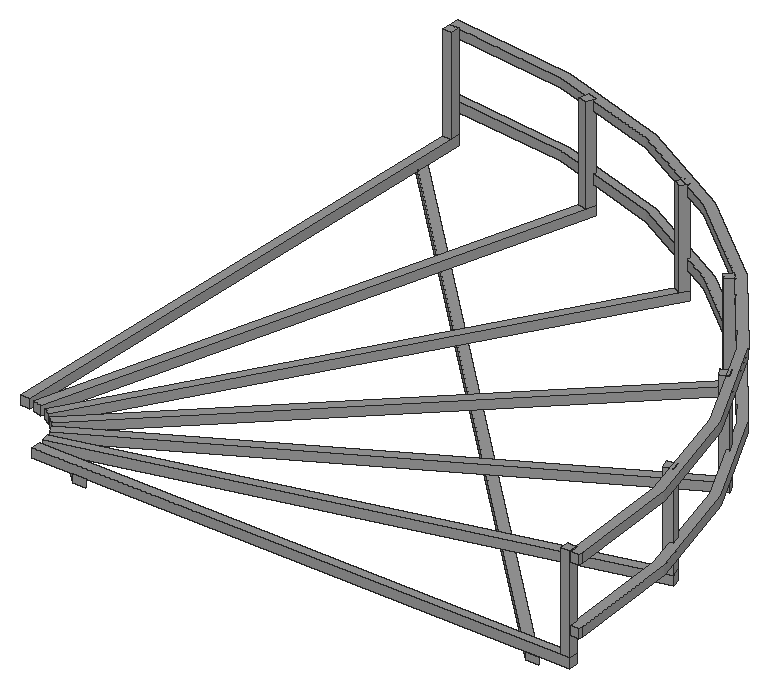
Revit family "Gitterinnen-Systeme_Gitterrinnenbogen 90°_GRB90530", category Generic Models, Revit 2015
Parameters (values of type "GRB 90 530 FT")
  URL = "http://obo-bettermann.com"
  Material = Steel
  Manufacturer Art. No. = "6002234"
  Manufacturer = "OBO Bettermann"
  GTIN = "4012196001811"
  Article Type = "GRB 90 530 FT"
Types (3, lengths in mm): name | Material | Manufacturer Art. No. | GTIN | Article Type
  (no name) | Steel | "6002234" | "4012196001811" | "GRB 90 530 FT"
  GRB 90 530 G | Steel, Galvanized | "6001947" | "4012196352753" | "GRB 90 530 G"
  GRB 90 530 FT | Steel | "6002234" | "4012196001811" | "GRB 90 530 FT"
Reference planes
  plane 1 "Center (Front/Back)": y = 0
  plane 2: z = 0
  plane 3 "Center (Left/Right)": x = 0
  plane 4: through (0, 0, 1200) normal (-0.7071, 0.7071, 0)
  plane 5: y = 2.35
  plane 6: y = -2.35
  plane 7: x = 2.35
  plane 8: x = -2.35
  plane 9: through (12.12, 15.443, 1200) normal (-0.7071, 0.7071, 0)
  plane 10: through (15.443, 12.12, 1200) normal (-0.7071, 0.7071, 0)
  plane 11: z = 4
  plane 12: z = 8.7
  plane 13: z = 58
  plane 14: z = 53.3
  plane 15: z = 24
  plane 16: z = 19.3
  plane 17: through (-14.222, 64.427, 1200) normal (0.7071, 0.7071, 0)
  plane 18: through (-15.884, 62.765, 1200) normal (0.7071, 0.7071, 0)
  plane 19: through (0, 0, 1200) normal (-0.2588, 0.9659, 0)
  plane 20: through (0, 0, 1200) normal (-0.9659, 0.2588, 0)
  plane 21: through (62.513, 221.037, 1200) normal (0.7071, 0.7071, 0)
  plane 22: through (62.322, 217.904, 1200) normal (0.7071, 0.7071, 0)
  plane 23: through (65.646, 221.228, 1200) normal (0.7071, 0.7071, 0)
  plane 24: through (0, 0, 1200) normal (-0.866, 0.5, 0)
  plane 25: through (0, 0, 1200) normal (-0.5, 0.866, 0)
  plane 26: through (4.249, 24.936, 1200) normal (-0.9659, 0.2588, 0)
  plane 27: through (8.789, 23.719, 1200) normal (-0.9659, 0.2588, 0)
  plane 28: through (10.865, 23.519, 1200) normal (-0.866, 0.5, 0)
  plane 29: through (14.935, 21.169, 1200) normal (-0.866, 0.5, 0)
  plane 30: through (19.818, 14.155, 1200) normal (-0.5, 0.866, 0)
  plane 31: through (22.168, 10.085, 1200) normal (-0.5, 0.866, 0)
  plane 32: through (24.155, 8.905, 1200) normal (-0.2588, 0.9659, 0)
  plane 33: through (25.371, 4.365, 1200) normal (-0.2588, 0.9659, 0)
  plane 34: through (-12.561, 66.089, 1200) normal (0.7071, 0.7071, 0)
Forms (mm)
  Extrusion 1, solid, material "Steel" <- "Material"
    sketch origin (0, 0, 0) x (1, 0, 0) y (0, 1, 0)
      loop
        line (-2.35, 55.878) -> (-2.35, 49.231) -> (49.231, -2.35) -> (55.878, -2.35) -> (-2.35, 55.878)
      loop
        line (-2.35, 282.576) -> (282.576, -2.35) -> (289.223, -2.35) -> (-2.35, 289.223) -> (-2.35, 282.576)
    from 0 to 4
  Extrusion 2, solid, material "Steel" <- "Material"
    sketch origin (0, 0, 0) x (1, 0, 0) y (0, 1, 0)
      loop
        line (304.95, 0) -> (304.95, -2.35) -> (309.65, -2.35) -> (309.65, 0)
        arc (309.65, 0) -> (218.956, 218.956) -> (0, 309.65) r 309.65
        line (0, 309.65) -> (-2.35, 309.65) -> (-2.35, 304.95) -> (0, 304.95)
        arc (0, 304.95) -> (215.632, 215.632) -> (304.95, 0) r 304.95
    from 53.3 to 58
  Extrusion 3, solid, material "Steel" <- "Material"
    sketch origin (0, 0, 0) x (1, 0, 0) y (0, 1, 0)
      loop
        line (-2.35, 28.353) -> (2.35, 28.353) -> (2.35, 304.941) -> (-2.35, 304.941) -> (-2.35, 28.353)
      loop
        line (5.068, 27.995) -> (9.608, 26.778) -> (81.194, 293.942) -> (76.655, 295.159) -> (5.068, 27.995)
      loop
        line (12.141, 25.729) -> (16.212, 23.379) -> (154.506, 262.912) -> (150.435, 265.262) -> (12.141, 25.729)
      loop
        line (18.387, 21.71) -> (21.71, 18.387) -> (217.288, 213.964) -> (213.964, 217.288) -> (18.387, 21.71)
      loop
        line (23.379, 16.212) -> (25.729, 12.141) -> (265.262, 150.435) -> (262.912, 154.506) -> (23.379, 16.212)
      loop
        line (26.778, 9.608) -> (27.995, 5.068) -> (295.159, 76.655) -> (293.942, 81.194) -> (26.778, 9.608)
      loop
        line (28.353, 2.35) -> (28.353, -2.35) -> (304.95, -2.35) -> (304.95, 2.35) -> (28.353, 2.35)
    from 4 to 8.7
  Extrusion 4, solid, material "Steel" <- "Material"
    sketch origin (0, 0, 0) x (1, 0, 0) y (0, 1, 0)
      loop
        line (304.95, 2.35) -> (300.25, 2.35) -> (300.25, -2.35) -> (304.95, -2.35) -> (304.95, 2.35)
      loop
        line (295.159, 76.655) -> (293.942, 81.194) -> (289.402, 79.978) -> (290.619, 75.438) -> (295.159, 76.655)
      loop
        line (265.262, 150.435) -> (262.912, 154.506) -> (258.841, 152.156) -> (261.191, 148.085) -> (265.262, 150.435)
      loop
        line (217.288, 213.964) -> (213.964, 217.288) -> (210.641, 213.964) -> (213.964, 210.641) -> (217.288, 213.964)
      loop
        line (154.506, 262.912) -> (150.435, 265.262) -> (148.085, 261.191) -> (152.156, 258.841) -> (154.506, 262.912)
      loop
        line (81.194, 293.942) -> (76.655, 295.159) -> (75.438, 290.619) -> (79.978, 289.402) -> (81.194, 293.942)
      loop
        line (2.35, 300.25) -> (2.35, 304.941) -> (-2.35, 304.941) -> (-2.35, 300.25) -> (2.35, 300.25)
    from 8.7 to 58
  Extrusion 5, solid, material "Steel" <- "Material"
    sketch origin (0, 0, 0) x (1, 0, 0) y (0, 1, 0)
      loop
        arc (309.65, 0) -> (218.956, 218.956) -> (0, 309.65) r 309.65
        line (0, 309.65) -> (-2.35, 309.65) -> (-2.35, 304.95) -> (0, 304.95)
        arc (0, 304.95) -> (215.632, 215.632) -> (304.95, 0) r 304.95
        line (304.95, 0) -> (304.95, -2.35) -> (309.65, -2.35) -> (309.65, 0)
    from 19.3 to 24
Lines and regions (mm)
  reference lines
    curve 1: arc (304.95, 0, 0) -> (215.632, 215.632, 0) -> (0, 304.95, 0) r 304.95
    curve 2: arc (309.65, 0, 0) -> (218.956, 218.956, 0) -> (0, 309.65, 0) r 309.65
    curve 3: arc (28.45, 0, 0) -> (20.117, 20.117, 0) -> (0, 28.45, 0) r 28.45
  model lines
    curve 4: line (52.662, 2.35, 0) -> (44.531, 2.35, 0)
    curve 5: line (2.35, 44.531, 0) -> (2.35, 52.662, 0)
    curve 6: line (0, 407.745, 0) -> (-2.35, 407.745, 0)
    curve 7: line (0, 403.945, 0) -> (-2.35, 403.945, 0)
    curve 8: line (2.35, 397.267, 0) -> (-2.35, 397.267, 0)
    curve 9: line (304.95, 0, 0) -> (304.95, -2.35, 0)
    curve 10: line (304.95, -2.35, 0) -> (309.641, -2.35, 0)
    curve 11: line (309.641, -2.35, 0) -> (309.641, -0.011, 0)
    curve 12: line (304.941, 2.35, 0) -> (28.353, 2.35, 0)
    curve 13: line (28.353, 2.35, 0) -> (28.353, -2.35, 0)
    curve 14: line (28.353, -2.35, 0) -> (304.95, -2.35, 0)
    curve 15: line (295.159, 76.655, 0) -> (27.995, 5.068, 0)
    curve 16: line (27.995, 5.068, 0) -> (26.778, 9.608, 0)
    curve 17: line (26.778, 9.608, 0) -> (293.942, 81.194, 0)
    curve 18: line (265.262, 150.435, 0) -> (25.729, 12.141, 0)
    curve 19: line (25.729, 12.141, 0) -> (23.379, 16.212, 0)
    curve 20: line (23.379, 16.212, 0) -> (262.912, 154.506, 0)
    curve 21: line (21.71, 18.387, 0) -> (217.288, 213.964, 0)
    curve 22: line (213.964, 217.288, 0) -> (18.387, 21.71, 0)
    curve 23: line (18.387, 21.71, 0) -> (21.71, 18.387, 0)
    curve 24: line (12.141, 25.729, 0) -> (16.212, 23.379, 0)
    curve 25: line (16.212, 23.379, 0) -> (154.506, 262.912, 0)
    curve 26: line (150.435, 265.262, 0) -> (12.141, 25.729, 0)
    curve 27: line (5.068, 27.995, 0) -> (9.608, 26.778, 0)
    curve 28: line (9.608, 26.778, 0) -> (81.194, 293.942, 0)
    curve 29: line (76.655, 295.159, 0) -> (5.068, 27.995, 0)
    curve 30: line (2.35, 28.353, 0) -> (2.35, 309.641, 0)
    curve 31: line (2.35, 309.641, 0) -> (-2.35, 309.641, 0)
    curve 32: line (-2.35, 309.641, 0) -> (-2.35, 28.353, 0)
    curve 33: line (-2.35, 28.353, 0) -> (2.35, 28.353, 0)
    curve 34: line (-2.35, 55.878, 0) -> (55.878, -2.35, 0)
    curve 35: line (-2.35, 49.231, 0) -> (49.231, -2.35, 0)
    curve 36: line (-2.35, 289.223, 0) -> (289.223, -2.35, 0)
    curve 37: line (282.576, -2.35, 0) -> (-2.35, 282.576, 0)
    curve 38: line (-2.35, 300.25, 0) -> (2.35, 300.25, 0)
    curve 39: line (0, 304.95, 0) -> (-2.35, 304.95, 0)
    curve 40: line (81.194, 293.942, 0) -> (76.655, 295.159, 0)
    curve 41: line (75.438, 290.619, 0) -> (79.978, 289.402, 0)
    curve 42: line (150.435, 265.262, 0) -> (154.506, 262.912, 0)
    curve 43: line (152.156, 258.841, 0) -> (148.085, 261.191, 0)
    curve 44: line (213.964, 217.288, 0) -> (217.288, 213.964, 0)
    curve 45: line (213.964, 210.641, 0) -> (210.641, 213.964, 0)
    curve 46: line (258.841, 152.156, 0) -> (261.191, 148.085, 0)
    curve 47: line (262.912, 154.506, 0) -> (265.262, 150.435, 0)
    curve 48: line (293.942, 81.194, 0) -> (295.159, 76.655, 0)
    curve 49: line (289.402, 79.978, 0) -> (290.619, 75.438, 0)
    curve 50: line (300.25, 2.35, 0) -> (300.25, -2.35, 0)
Dimensions and locks
  locked: level to plane 11 at 4
  locked: plane 11 to plane 12 at 4.7
  locked: level to plane 13 at 58
  locked: plane 14 to plane 13 at 4.7
  locked: plane 16 to plane 15 at 4.7
  locked: level to plane 15 at 24
  locked: plane 17 to plane 4 at 35.5
  locked: plane 21 to plane 17 at 165
  equal spacing: plane 5, plane 1 "Center (Front/Back)", plane 6
  locked: plane 5 to plane 6 at 4.7
  equal spacing: plane 8, plane 3 "Center (Left/Right)", plane 7
  locked: plane 8 to plane 7 at 4.7
  equal spacing: plane 9, plane 4, plane 10
  plane 9 to plane 10 = 4.7 mm
  locked: plane 1 "Center (Front/Back)" to plane 4 (angle 45.00°)
  locked: plane 1 "Center (Front/Back)" to plane 19 (angle 15.00°)
  angle plane 20 to plane 3 "Center (Left/Right)" = 15.00°
  locked: plane 19 to plane 25 (angle 15.00°)
  locked: plane 24 to plane 20 (angle 15.00°)
  aligned and locked: level to plane 2
  aligned and locked: Extrusion 1 to level
  aligned and locked: plane 11 to Extrusion 1
  aligned and locked: Extrusion 2 sketch curve to curve 1
  aligned and locked: Extrusion 2 sketch curve to curve 2
  aligned and locked: plane 13 to Extrusion 2
  aligned and locked: Extrusion 3 to plane 11
  aligned and locked: plane 12 to Extrusion 3
  aligned and locked: Extrusion 4 to plane 12
  aligned and locked: plane 13 to Extrusion 4
  aligned and locked: Extrusion 5 sketch curve to Extrusion 2  (x2)
  aligned and locked: Extrusion 5 to plane 16
  aligned and locked: plane 15 to Extrusion 5
Automatic sketch dimensions
  curve 1 to curve 2 = 0 mm  (x2)
  curve 1 to curve 3 = 0 mm  (x2)
  plane 1 "Center (Front/Back)" to curve 1 = 0 mm
  curve 1 to plane 3 "Center (Left/Right)" = 0 mm
  curve 3 to plane 7 = 26.1 mm
  curve 1 to curve 2 = 4.7 mm
  curve 3 to curve 1 = 276.5 mm
  curve 37 to plane 8 = 0 mm
  curve 6 to plane 8 = 0 mm
  curve 7 to plane 8 = 0 mm
  curve 8 to plane 8 = 0 mm
  curve 6 to plane 3 "Center (Left/Right)" = 0 mm
  curve 7 to plane 3 "Center (Left/Right)" = 0 mm
  curve 39 to plane 3 "Center (Left/Right)" = 0 mm
  curve 8 to plane 7 = 0 mm
  curve 33 to plane 7 = 0 mm
  curve 5 to plane 7 = 0 mm
  curve 29 to plane 26 = 0 mm
  curve 28 to plane 27 = 0 mm
  curve 26 to plane 28 = 0 mm
  curve 24 to plane 29 = 0 mm
  curve 22 to plane 9 = 0 mm
  curve 21 to plane 10 = 0 mm
  curve 19 to plane 30 = 0 mm
  curve 18 to plane 31 = 0 mm
  curve 17 to plane 32 = 0 mm
  curve 16 to plane 33 = 0 mm
  curve 13 to plane 5 = 0 mm
  curve 13 to plane 6 = 0 mm
  curve 4 to plane 5 = 0 mm
  curve 4 to plane 18 = 0 mm
  curve 35 to plane 18 = 0 mm
  curve 34 to plane 34 = 0 mm  (x2)
  curve 41 to plane 26 = 0 mm
  curve 43 to plane 28 = 0 mm
  curve 45 to plane 9 = 0 mm
  curve 46 to plane 30 = 0 mm
  curve 37 to plane 22 = 0 mm  (x2)
  curve 36 to plane 23 = 0 mm  (x2)
  curve 49 to plane 32 = 0 mm
  plane 1 "Center (Front/Back)" to curve 9 = 0 mm
  curve 29 to plane 7 = 2.718 mm
  curve 27 to curve 26 = 2.533 mm
  curve 24 to curve 22 = 2.175 mm
  plane 5 to curve 19 = 13.862 mm
  plane 5 to curve 17 = 7.258 mm
  curve 15 to curve 13 = 0.358 mm
  curve 40 to plane 7 = 74.305 mm
  curve 28 to curve 42 = 69.241 mm
  curve 25 to curve 44 = 59.458 mm
  plane 5 to curve 47 = 152.156 mm
  plane 5 to curve 17 = 78.844 mm
  curve 36 to curve 9 = 15.727 mm
  curve 9 to curve 10 = 4.691 mm
  curve 27 to curve 33 = 0.358 mm
  curve 36 to curve 30 = 20.418 mm
  curve 4 to curve 34 = 3.216 mm
  curve 41 to curve 29 = 1.216 mm
  curve 43 to curve 26 = 2.35 mm
  curve 45 to curve 22 = 3.323 mm
  plane 5 to curve 46 = 149.806 mm
  plane 5 to curve 49 = 77.628 mm
  curve 50 to curve 9 = 4.7 mm
  curve 12 to curve 9 = 0.009 mm
  plane 1 "Center (Front/Back)" to curve 11 = 0.011 mm
  curve 5 to curve 34 = 3.216 mm
  curve 38 to curve 31 = 9.391 mm
  curve 39 to curve 30 = 4.691 mm
  curve 31 to curve 8 = 87.626 mm
  curve 8 to curve 7 = 6.678 mm
  curve 7 to curve 6 = 3.8 mm
  Extrusion 1 sketch curve to plane 8 = 0 mm  (x2)
  Extrusion 1 sketch curve to plane 6 = 0 mm  (x2)
  Extrusion 1 sketch curve to plane 18 = 0 mm  (x2)
  Extrusion 1 sketch curve to plane 34 = 0 mm  (x2)
  Extrusion 1 sketch curve to plane 22 = 0 mm  (x2)
  Extrusion 1 sketch curve to plane 23 = 0 mm  (x2)
  Extrusion 2 sketch curve to Extrusion 2 sketch curve = 0 mm  (x2)
  Extrusion 2 sketch curve to plane 8 = 0 mm
  Extrusion 2 sketch curve to plane 6 = 0 mm
  Extrusion 2 sketch curve to Extrusion 2 sketch curve = 4.7 mm
  Extrusion 3 sketch curve to plane 8 = 0 mm
  Extrusion 3 sketch curve to plane 7 = 0 mm
  Extrusion 3 sketch curve to plane 26 = 0 mm  (x2)
  Extrusion 3 sketch curve to plane 27 = 0 mm
  Extrusion 3 sketch curve to plane 28 = 0 mm  (x2)
  Extrusion 3 sketch curve to plane 29 = 0 mm
  Extrusion 3 sketch curve to plane 9 = 0 mm  (x2)
  Extrusion 3 sketch curve to plane 10 = 0 mm
  Extrusion 3 sketch curve to plane 30 = 0 mm  (x2)
  Extrusion 3 sketch curve to plane 31 = 0 mm
  Extrusion 3 sketch curve to plane 32 = 0 mm  (x2)
  Extrusion 3 sketch curve to plane 33 = 0 mm
  Extrusion 3 sketch curve to plane 6 = 0 mm
  Extrusion 3 sketch curve to plane 5 = 0 mm
  Extrusion 3 sketch curve to plane 7 = 2.718 mm
  Extrusion 3 sketch curve to Extrusion 3 sketch curve = 2.533 mm
  Extrusion 3 sketch curve to Extrusion 3 sketch curve = 2.175 mm
  plane 5 to Extrusion 3 sketch curve = 13.862 mm
  plane 5 to Extrusion 3 sketch curve = 7.258 mm
  Extrusion 3 sketch curve to Extrusion 3 sketch curve = 0.358 mm  (x2)
  Extrusion 3 sketch curve to plane 7 = 74.305 mm
  Extrusion 3 sketch curve to Extrusion 3 sketch curve = 69.241 mm
  Extrusion 3 sketch curve to Extrusion 3 sketch curve = 59.458 mm
  plane 5 to Extrusion 3 sketch curve = 152.156 mm
  plane 5 to Extrusion 3 sketch curve = 78.844 mm
  Extrusion 3 sketch curve to Extrusion 3 sketch curve = 9.791 mm
  Extrusion 3 sketch curve to Extrusion 3 sketch curve = 9.782 mm
  Extrusion 4 sketch curve to plane 7 = 0 mm
  Extrusion 4 sketch curve to plane 26 = 0 mm  (x2)
  Extrusion 4 sketch curve to plane 27 = 0 mm
  Extrusion 4 sketch curve to plane 28 = 0 mm  (x2)
  Extrusion 4 sketch curve to plane 29 = 0 mm
  Extrusion 4 sketch curve to plane 9 = 0 mm  (x2)
  Extrusion 4 sketch curve to plane 10 = 0 mm
  Extrusion 4 sketch curve to plane 30 = 0 mm  (x2)
  Extrusion 4 sketch curve to plane 31 = 0 mm
  Extrusion 4 sketch curve to plane 32 = 0 mm  (x2)
  Extrusion 4 sketch curve to plane 33 = 0 mm
  Extrusion 4 sketch curve to plane 5 = 0 mm
  Extrusion 4 sketch curve to plane 6 = 0 mm
  plane 8 to Extrusion 4 sketch curve = 0 mm
  Extrusion 4 sketch curve to plane 7 = 73.088 mm
  Extrusion 4 sketch curve to Extrusion 4 sketch curve = 1.216 mm
  Extrusion 4 sketch curve to Extrusion 4 sketch curve = 68.107 mm
  Extrusion 4 sketch curve to Extrusion 4 sketch curve = 2.35 mm
  Extrusion 4 sketch curve to Extrusion 4 sketch curve = 58.485 mm
  Extrusion 4 sketch curve to Extrusion 4 sketch curve = 3.323 mm
  plane 5 to Extrusion 4 sketch curve = 149.806 mm
  plane 5 to Extrusion 4 sketch curve = 152.156 mm
  plane 5 to Extrusion 4 sketch curve = 77.628 mm
  plane 5 to Extrusion 4 sketch curve = 78.844 mm
  Extrusion 4 sketch curve to Extrusion 4 sketch curve = 9.631 mm
  Extrusion 4 sketch curve to Extrusion 4 sketch curve = 4.7 mm
  Extrusion 4 sketch curve to Extrusion 4 sketch curve = 14.322 mm
  Extrusion 4 sketch curve to Extrusion 4 sketch curve = 4.691 mm
  Extrusion 5 sketch curve to plane 8 = 0 mm
  Extrusion 5 sketch curve to plane 6 = 0 mm
